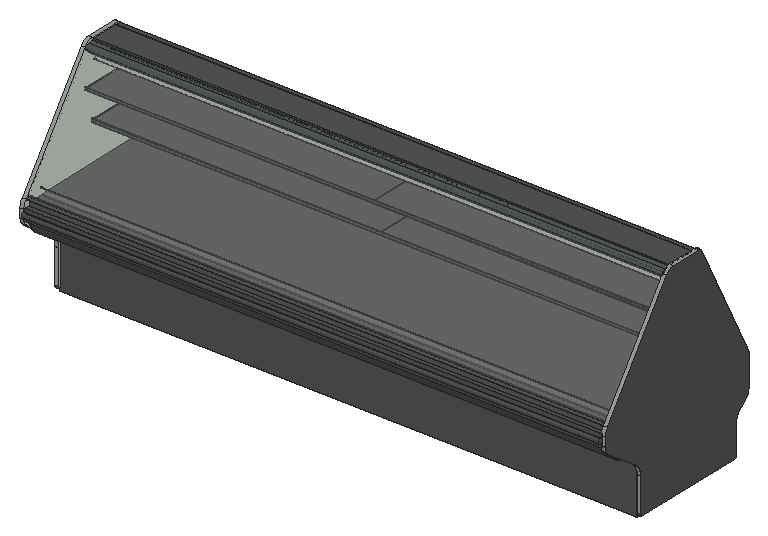
Revit family "ESBDS_2014", category Specialty Equipment, Revit 2014 (continued)
Connectors (in)
  piping at (58.50551, -29.375, 0), diameter 0.875, driven by "Refrig. Suction", driven by "Refrigeration Lines Suction"
    settings: on Extrusion 2, index 9, connector inside diameter 7/8", connector length 0", flow factor 0, pipe flow 0 GPM, pressure drop 0.00 psi, fitting loss kfactor 0, connector angle 0.00°, fixture units 0, engagement length 0", angle of deflection 0.00°, flow configuration 0, flow direction 2, fitting loss method 0, system type 22, joint type 0, gender type 0, connector reference index -1, connector utility 0, adjustable connector no, is connector primary no, connector description "Suction"
  piping at (59.13051, -29.375, 0), diameter 0.375, driven by "Refrig. Liquid", driven by "Refrigeration Lines Liquid"
    settings: on Extrusion 3, index 10, connector inside diameter 3/8", connector length 0", flow factor 0, pipe flow 0 GPM, pressure drop 0.00 psi, fitting loss kfactor 0, connector angle 0.00°, fixture units 0, engagement length 0", angle of deflection 0.00°, flow configuration 0, flow direction 1, fitting loss method 0, system type 22, joint type 0, gender type 0, connector reference index -1, connector utility 0, adjustable connector no, is connector primary no, connector description "Liquid"
Definition of nested family "Floor Support - E Series"
  Parameters (values of type "Floor Support - E Series")
    Width = 4"
    URL = "www.hussmann.com"
    Type Comments = ""
    Revit Family Date = "5/12/2016"
    Model = ""
    Manufacturer = "Hussmann Corporation"
    Height = 15.4495"
    Floor Support = none
    Description = ""
    Depth = 26.382"
    Assembly Code = ""
    Accessories/Options = ""
  Reference planes (in)
    plane 1 "Back": y = -2.993
    plane 2 "Bottom": z = 0
    plane 3 "Top": z = 15.4495
    plane 4 "Front": y = -29.375
    plane 5 "Center (Left/Right)": x = -0.61949
    plane 6 "Left": x = -2.61949
    plane 7 "Right": x = 1.38051
  Forms (in)
    Extrusion 1, solid, material <- "Floor Support"
      sketch origin (0, 0, 0) x (1, 0, 0) y (0, 1, 0)
        loop
          line (-2.61949, -6.062) -> (-2.61949, -6.187) -> (-1.74449, -6.187) -> (-1.74449, -3.118) -> (0.50551, -3.118) -> (0.50551, -6.187) -> (1.38051, -6.187) -> (1.38051, -6.062) -> (0.63051, -6.062) -> (0.63051, -2.993) -> (-1.86949, -2.993) -> (-1.86949, -6.062) -> (-2.61949, -6.062)
        loop
          line (-2.61949, -26.306) -> (-1.86949, -26.306) -> (-1.86949, -29.375) -> (0.63051, -29.375) -> (0.63051, -26.306) -> (1.38051, -26.306) -> (1.38051, -26.181) -> (0.50551, -26.181) -> (0.50551, -29.25) -> (-1.74449, -29.25) -> (-1.74449, -26.181) -> (-2.61949, -26.181) -> (-2.61949, -26.306)
      from 0.6875 to 15.4495
    Extrusion 2, solid, material <- "Floor Support"
      sketch origin (0, 0, 0) x (1, 0, 0) y (0, 1, 0)
        loop
          circle (-0.61949, -3.519) r 0.3125
        loop
          circle (-0.61949, -28.592) r 0.3125
      from 0 to 0.5625
    Extrusion 3, solid, material <- "Floor Support"
      sketch origin (0, 0, 0) x (1, 0, 0) y (0, 1, 0)
        loop
          circle (-0.61949, -28.592) r 0.5
        loop
          circle (-0.61949, -3.519) r 0.5
      from 0.5625 to 0.6875
    Extrusion 4, solid, material <- "Floor Support"
      sketch origin (0, 0, 0) x (1, 0, 0) y (0, 1, 0)
        loop
          line (-1.74449, -3.118) -> (-1.74449, -29.25) -> (0.50551, -29.25) -> (0.50551, -3.118) -> (-1.74449, -3.118)
      from 12.56949 to 15.4495
  Dimensions and locks (in)
    "Depth": plane 4 "Front" to plane 1 "Back"
    "Height": plane 3 "Top" to level
    equal spacing: plane 6 "Left", plane 5 "Center (Left/Right)", plane 7 "Right"
    "Width": plane 6 "Left" to plane 7 "Right"
    aligned and locked: Extrusion 4 to plane 3 "Top"
    aligned and locked: Extrusion 1 to plane 3 "Top"
  Automatic sketch dimensions
    plane 1 "Back" to Extrusion 1 sketch curve = 0"
    Extrusion 1 sketch curve to Extrusion 1 sketch curve = 1/8"  (x9)
    plane 1 "Back" to Extrusion 1 sketch curve = 1/8"
    Extrusion 1 sketch curve to Extrusion 1 sketch curve = 0"  (x2)
    Extrusion 1 sketch curve to plane 6 "Left" = 0"  (x2)
    plane 6 "Left" to Extrusion 1 sketch curve = 3/4"  (x2)
    Extrusion 1 sketch curve to plane 7 "Right" = 0"  (x2)
    Extrusion 1 sketch curve to plane 7 "Right" = 7/8"
    Extrusion 1 sketch curve to Extrusion 1 sketch curve = 7/8"
    Extrusion 3 sketch curve to plane 5 "Center (Left/Right)" = 0"  (x2)
    plane 4 "Front" to Extrusion 4 sketch curve = 1/8"
    plane 6 "Left" to Extrusion 4 sketch curve = 7/8"
    Extrusion 4 sketch curve to plane 7 "Right" = 7/8"
    plane 1 "Back" to Extrusion 4 sketch curve = 1/8"
    Extrusion 1 sketch curve to plane 4 "Front" = 0"
    Extrusion 1 sketch curve to Extrusion 1 sketch curve = 2.944"
    plane 4 "Front" to Extrusion 3 sketch curve = 0.783"
    Extrusion 1 sketch curve to Extrusion 1 sketch curve = 3.069"
    plane 1 "Back" to Extrusion 3 sketch curve = 0.526"
    radius of Extrusion 3 sketch curve = 1/2"  (x2)
Definition of nested family "Service Doors - 117deg - 48"
  Parameters (values of type "Service Doors - 117deg - 48")
    Glazing = Glass
    Door Frame = none
  Reference planes (in)
    plane 1 "Center (Front/Back)": y = 25.29918
    plane 2: z = 0
    plane 3 "Center (Left/Right)": x = 0
  Forms (in)
    Sweep 1, solid, material <- "Door Frame"
      path in 3D
        loop
          line (48, 12.47395, 49.89806) -> (0, 12.47395, 49.89806) -> (0, 25.29918, 24.72713) -> (48, 25.29918, 24.72713) -> (48, 12.47395, 49.89806)
      profile origin (24, 12.47395, 49.89806) x (0, -0.999433, -0.03367) y (0, -0.03367, 0.999433)
        loop
          line (0.21162, -0.099) -> (0, 0) -> (-0.6356, -1.35868) -> (1.40139, -2.3116) -> (1.82513, -1.40581) -> (0.01501, -0.55903) -> (0.21162, -0.099)
    Extrusion 2, solid, material <- "Door Frame"
      sketch origin (1.5, 11.15118, 47.54059) x (0, 0.45399, -0.891007) y (0, 0.891007, 0.45399)
        loop
          line (0, 0.25) -> (25.25, 0.25) -> (25.25, 1.0625) -> (0, 1.0625) -> (0, 0.25)
      from 0 to 23
    Extrusion 3, solid, material <- "Door Frame"
      sketch origin (46.5, 22.61444, 25.04267) x (0, -0.45399, 0.891007) y (0, 0.891007, 0.45399)
        loop
          line (25.25, 1.875) -> (0, 1.875) -> (0, 1.0625) -> (25.25, 1.0625) -> (25.25, 1.875)
      from 0 to 23
    Extrusion 4, void
      sketch origin (46.5, 13.11976, 47.80708) x (0, -0.45399, 0.891007) y (-1, 0, 0)
        loop
          line (-23.09373, 21.5) -> (-23.09373, 1.5) -> (-0.84373, 1.5) -> (-0.84373, 21.5) -> (-23.09373, 21.5)
      from 0 to 0.8125
    Extrusion 5, void
      sketch origin (1.5, 11.1405, 48.11223) x (0, -0.45399, 0.891007) y (1, 0, 0)
        loop
          line (-2.01418, 21.5) -> (-24.26418, 21.5) -> (-24.26418, 1.5) -> (-2.01418, 1.5) -> (-2.01418, 21.5)
      from 0 to 0.8125
    Extrusion 6, solid, material "Glass" <- "Glazing"
      sketch origin (25, 24.28508, 25.8939) x (0, -0.45399, 0.891007) y (0, -0.891007, -0.45399)
        loop
          line (1.5, 0.1875) -> (25.25, 0.1875) -> (25.25, 0.625) -> (1.5, 0.625) -> (1.5, 0.1875)
      from 0 to 20
    Extrusion 7, solid, material "Glass" <- "Glazing"
      sketch origin (23, 11.37393, 47.65408) x (0, 0.45399, -0.891007) y (0, -0.891007, -0.45399)
        loop
          line (1.5, -0.625) -> (25.25, -0.625) -> (25.25, -0.1875) -> (1.5, -0.1875) -> (1.5, -0.625)
      from 0 to 20
  Cuts and joins
    Extrusion 4 cuts Extrusion 3
    Extrusion 5 cuts Extrusion 2
  Lines and regions (in)
    sketch lines
      curve 1: line (48, 25.29918, 24.72713) -> (48, 12.47395, 49.89806)
      curve 2: line (0, 12.47395, 49.89806) -> (0, 25.29918, 24.72713)
      curve 3: line (48, 12.47395, 49.89806) -> (0, 12.47395, 49.89806)
      curve 4: line (48, 25.29918, 24.72713) -> (0, 25.29918, 24.72713)
  Dimensions and locks (in)
    Extrusion 2 to Extrusion 3 = 45"
    plane 3 "Center (Left/Right)" to Sweep 1 = 48"
    Sweep 1 to Sweep 1 = 1 1/2"
    locked: cut or joined group of Extrusion 3, Extrusion 4 to Extrusion 4 sketch curve at 1.5
    locked: Extrusion 5 sketch curve to cut or joined group of Extrusion 2, Extrusion 5 at 1.5
    Sweep 1 to Sweep 1 = 28 1/4"
    locked: cut or joined group of Extrusion 2, Extrusion 5 to Extrusion 5 sketch curve at 1.5  (x2)
    locked: Sweep 1 to Extrusion 5 sketch curve at 1.5
    locked: Extrusion 4 sketch curve to Sweep 1 at 1.5  (x3)
    Sweep 1 to Sweep 1 = 45"
    angle level to Sweep 1 = 117.00°
    aligned and locked: plane 2 to level
    aligned and locked: Extrusion 3 to Sweep 1  (x3)
    aligned and locked: Extrusion 2 to Sweep 1
    aligned and locked: Extrusion 6 to cut or joined group of Extrusion 3, Extrusion 4
    aligned and locked: cut or joined group of Extrusion 3, Extrusion 4 to Extrusion 6
    aligned and locked: cut or joined group of Extrusion 2, Extrusion 5 to Extrusion 7
    aligned and locked: plane 1 "Center (Front/Back)" to Sweep 1
    aligned and locked: Sweep 1 to Extrusion 2 sketch curve  (x2)
    aligned and locked: cut or joined group of Extrusion 2, Extrusion 5 to Extrusion 7 sketch curve
    aligned and locked: Extrusion 7 sketch curve to Sweep 1
    aligned and locked: Sweep 1 to Extrusion 3 sketch curve  (x2)
    aligned and locked: Extrusion 6 sketch curve to Sweep 1
    aligned and locked: Extrusion 6 sketch curve to cut or joined group of Extrusion 3, Extrusion 4
Definition of nested family "Service Doors - 117deg - 72"
  Parameters (values of type "Service Doors - 117deg - 72")
    Glazing = none
    Door Frame = none
  Reference planes (in)
    plane 1 "Center (Front/Back)": y = 25.29918
    plane 2: z = 0
    plane 3 "Center (Left/Right)": x = 0
  Forms (in)
    Sweep 1, solid, material <- "Door Frame"
      path in 3D
        loop
          line (72, 12.47395, 49.89806) -> (0, 12.47395, 49.89806) -> (0, 25.29918, 24.72713) -> (72, 25.29918, 24.72713) -> (72, 12.47395, 49.89806)
      profile origin (36, 12.47395, 49.89806) x (0, -0.999433, -0.03367) y (0, -0.03367, 0.999433)
        loop
          line (0.21162, -0.099) -> (0, 0) -> (-0.6356, -1.35868) -> (1.40139, -2.3116) -> (1.82513, -1.40581) -> (0.01501, -0.55903) -> (0.21162, -0.099)
    Extrusion 2, solid, material <- "Door Frame"
      sketch origin (1.5, 11.15118, 47.54059) x (0, 0.45399, -0.891007) y (0, 0.891007, 0.45399)
        loop
          line (0, 0.25) -> (25.25, 0.25) -> (25.25, 1.0625) -> (0, 1.0625) -> (0, 0.25)
      from 0 to 35
    Extrusion 3, solid, material <- "Door Frame"
      sketch origin (70.5, 22.61444, 25.04267) x (0, -0.45399, 0.891007) y (0, 0.891007, 0.45399)
        loop
          line (25.25, 1.875) -> (0, 1.875) -> (0, 1.0625) -> (25.25, 1.0625) -> (25.25, 1.875)
      from 0 to 35
    Extrusion 4, void
      sketch origin (70.5, 13.11976, 47.80708) x (0, -0.45399, 0.891007) y (-1, 0, 0)
        loop
          line (-23.09373, 33.5) -> (-23.09373, 1.5) -> (-0.84373, 1.5) -> (-0.84373, 33.5) -> (-23.09373, 33.5)
      from 0 to 0.8125
    Extrusion 5, void
      sketch origin (1.5, 11.1405, 48.11223) x (0, -0.45399, 0.891007) y (1, 0, 0)
        loop
          line (-2.01418, 33.5) -> (-24.26418, 33.5) -> (-24.26418, 1.5) -> (-2.01418, 1.5) -> (-2.01418, 33.5)
      from 0 to 0.8125
    Extrusion 6, solid, material <- "Glazing"
      sketch origin (37, 24.28508, 25.8939) x (0, -0.45399, 0.891007) y (0, -0.891007, -0.45399)
        loop
          line (1.5, 0.1875) -> (25.25, 0.1875) -> (25.25, 0.625) -> (1.5, 0.625) -> (1.5, 0.1875)
      from 0 to 32
    Extrusion 7, solid, material <- "Glazing"
      sketch origin (35, 11.37393, 47.65408) x (0, 0.45399, -0.891007) y (0, -0.891007, -0.45399)
        loop
          line (1.5, -0.625) -> (25.25, -0.625) -> (25.25, -0.1875) -> (1.5, -0.1875) -> (1.5, -0.625)
      from 0 to 32
  Cuts and joins
    Extrusion 4 cuts Extrusion 3
    Extrusion 5 cuts Extrusion 2
  Lines and regions (in)
    sketch lines
      curve 1: line (72, 25.29918, 24.72713) -> (72, 12.47395, 49.89806)
      curve 2: line (0, 12.47395, 49.89806) -> (0, 25.29918, 24.72713)
      curve 3: line (72, 12.47395, 49.89806) -> (0, 12.47395, 49.89806)
      curve 4: line (72, 25.29918, 24.72713) -> (0, 25.29918, 24.72713)
  Dimensions and locks (in)
    Extrusion 2 to Extrusion 3 = 69"
    plane 3 "Center (Left/Right)" to Sweep 1 = 72"
    Sweep 1 to Sweep 1 = 1 1/2"
    locked: cut or joined group of Extrusion 3, Extrusion 4 to Extrusion 4 sketch curve at 1.5
    locked: Extrusion 5 sketch curve to cut or joined group of Extrusion 2, Extrusion 5 at 1.5
    Sweep 1 to Sweep 1 = 28 1/4"
    locked: cut or joined group of Extrusion 2, Extrusion 5 to Extrusion 5 sketch curve at 1.5  (x2)
    locked: Sweep 1 to Extrusion 5 sketch curve at 1.5
    locked: Extrusion 4 sketch curve to Sweep 1 at 1.5  (x3)
    Sweep 1 to Sweep 1 = 69"
    angle level to Sweep 1 = 117.00°
    aligned and locked: plane 2 to level
    aligned and locked: Extrusion 3 to Sweep 1  (x3)
    aligned and locked: Extrusion 2 to Sweep 1
    aligned and locked: Extrusion 6 to cut or joined group of Extrusion 3, Extrusion 4
    aligned and locked: cut or joined group of Extrusion 3, Extrusion 4 to Extrusion 6
    aligned and locked: cut or joined group of Extrusion 2, Extrusion 5 to Extrusion 7
    aligned and locked: plane 1 "Center (Front/Back)" to Sweep 1
    aligned and locked: Sweep 1 to Extrusion 2 sketch curve  (x2)
    aligned and locked: cut or joined group of Extrusion 2, Extrusion 5 to Extrusion 7 sketch curve
    aligned and locked: Extrusion 7 sketch curve to Sweep 1
    aligned and locked: Sweep 1 to Extrusion 3 sketch curve  (x2)
    aligned and locked: Extrusion 6 sketch curve to Sweep 1
    aligned and locked: Extrusion 6 sketch curve to cut or joined group of Extrusion 3, Extrusion 4
Definition of nested family "Shelf - E Series"
  Parameters (values of type "18"")
    Width = 1/4"
    Shelf Bracket = Sheet Metal (Steel Painted) - 701 Black
    Height = 4.89591"
    Depth = 18"
  Types (5): name | Depth
    18" | 18"
    12" | 12"
    16" | 16"
    22" | 22"
    14" | 14"
  Reference planes (in)
    plane 1 "Back": y = 0
    plane 2: z = 0
    plane 3 "Left": x = 0
    plane 4 "Front": y = -18
    plane 5 "Right": x = 0.25
    plane 6: z = 4.89591
    plane 7 "Center (Left/Right)": x = 0.125
  Forms (in)
    Extrusion 1, solid, material "Sheet Metal (Steel Painted) - 701 Black" <- "Shelf Bracket"
      sketch origin (0, 0, 0) x (0, 1, 0) y (0, 0, 1)
        loop
          line (0.07326, 0.26836) -> (0.18143, 0.26875)
          arc (0.18143, 0.26875) -> (0.3025, 0.36199) -> (0.24317, 0.50282) r 0.12517
          line (0.24317, 0.50282) -> (-0.04494, 0.66605)
          arc (-0.04494, 0.66605) -> (-0.07187, 0.69679) -> (-0.07382, 0.7376) r 0.062
          line (-0.07382, 0.7376) -> (0.10406, 1.33811) -> (0.09305, 2.59922) -> (0.01772, 3.20416)
          arc (0.01772, 3.20416) -> (0.03288, 3.25348) -> (0.07981, 3.27494) r 0.063
          line (0.07981, 3.27494) -> (0.15806, 3.27547) -> (0.15929, 3.09434) -> (0.56271, 3.06679) -> (0.68212, 3.03122) -> (0.63408, 2.86666) -> (1.2983, 2.73359) -> (1.40516, 2.66752) -> (1.32096, 2.53134) -> (1.94726, 2.21454) -> (2.03229, 2.12435) -> (1.91623, 2.01494)
          arc (1.91623, 2.01494) -> (2.32601, 2.00181) -> (2.34025, 2.41156) r 0.2903
          arc (2.34025, 2.41156) -> (1.62913, 3.00885) -> (0.79406, 3.41517) r 3.78823
          arc (0.79406, 3.41517) -> (0.76115, 3.40549) -> (0.74067, 3.43301) r 0.03
          arc (0.74067, 3.43301) -> (0.42541, 3.52091) -> (0.10373, 3.58126) r 3.78823
          arc (0.10373, 3.58126) -> (0.02969, 3.62316) -> (-0.00038, 3.70274) r 0.125
          line (-0.00038, 3.70274) -> (-0.01867, 4.21036)
          arc (-0.01867, 4.21036) -> (-0.00134, 4.25606) -> (0.04347, 4.27562) r 0.063
          line (0.04347, 4.27562) -> (0.14916, 4.277) -> (0.15148, 4.09933) -> (0.8496, 4.03037) -> (0.96839, 3.99481) -> (0.92223, 3.84061) -> (1.16715, 3.78222)
          arc (1.16715, 3.78222) -> (1.31884, 3.92198) -> (1.24674, 4.11523) r 0.18489
          arc (1.24674, 4.11523) -> (0.5579, 4.49791) -> (-0.2, 4.71364) r 3.43695
          arc (-0.2, 4.71364) -> (-0.21607, 4.71919) -> (-0.23121, 4.72694) r 0.121
          line (-0.23121, 4.72694) -> (-0.23121, 4.89591) -> (-18, 4.89591) -> (-18, 4.52233)
          spline (-18, 4.52233) -> (-17.99893, 4.50603) -> (-17.99574, 4.49) -> (-17.99049, 4.47453) -> (-17.98325, 4.45987) -> (-17.97417, 4.44628) -> (-17.96339, 4.434) -> (-17.9511, 4.42322) -> (-17.9375, 4.41415) -> (-17.92284, 4.40692) -> (-17.90735, 4.40167) -> (-17.89132, 4.39848) -> (-17.875, 4.39741)
          line (-17.875, 4.39741) -> (-16.09303, 4.39741)
          spline (-16.09303, 4.39741) -> (-16.07672, 4.39634) -> (-16.06068, 4.39315) -> (-16.0452, 4.3879) -> (-16.03053, 4.38067) -> (-16.01694, 4.37159) -> (-16.00465, 4.36082) -> (-15.99387, 4.34853) -> (-15.98478, 4.33495) -> (-15.97755, 4.32029) -> (-15.9723, 4.30482) -> (-15.96911, 4.28879) -> (-15.96804, 4.27249)
          line (-15.96804, 4.27249) -> (-15.96804, 3.92271)
          spline (-15.96804, 3.92271) -> (-15.96697, 3.9064) -> (-15.96378, 3.89037) -> (-15.95852, 3.8749) -> (-15.95129, 3.86025) -> (-15.94221, 3.84666) -> (-15.93142, 3.83437) -> (-15.91913, 3.8236) -> (-15.90554, 3.81452) -> (-15.89087, 3.80729) -> (-15.87539, 3.80204) -> (-15.85935, 3.79885) -> (-15.84304, 3.79779)
          line (-15.84304, 3.79779) -> (-3.71618, 3.79779)
          arc (-3.71618, 3.79779) -> (-2.98005, 3.43429) -> (-2.45199, 2.80567) r 1.99996
          line (-2.45199, 2.80567) -> (-1.47212, 0.97726)
          arc (-1.47212, 0.97726) -> (-1.05125, 0.43902) -> (-0.47377, 0.07386) r 1.99996
          line (-0.47377, 0.07386) -> (-0.29521, 0) -> (-0.24369, 0.17221) -> (0.07446, 0.09812) -> (0.07326, 0.26836)
      from 0 to 0.25
  Dimensions and locks (in)
    "Depth": plane 4 "Front" to plane 1 "Back"
    locked: Extrusion 1 sketch curve to plane 1 "Back" at 3.71618
    locked: plane 4 "Front" to Extrusion 1 sketch curve at 2.03196
    "Width": plane 5 "Right" to plane 3 "Left"
    "Height": plane 6 to level
    equal spacing: plane 3 "Left", plane 7 "Center (Left/Right)", plane 5 "Right"
    aligned and locked: plane 2 to level
    aligned and locked: Extrusion 1 to plane 3 "Left"
    aligned and locked: plane 5 "Right" to Extrusion 1
    aligned and locked: Extrusion 1 sketch curve to plane 4 "Front"
  Automatic sketch dimensions
    Extrusion 1 sketch curve to Extrusion 1 sketch curve = 0"  (x2)
    Extrusion 1 sketch curve to level = 0"
    Extrusion 1 sketch curve to plane 4 "Front" = 1/8"
    Extrusion 1 sketch curve to Extrusion 1 sketch curve = 1/8"  (x2)
    Extrusion 1 sketch curve to Extrusion 1 sketch curve = 0.49859"
    Extrusion 1 sketch curve to Extrusion 1 sketch curve = 1.26419"
    plane 1 "Back" to Extrusion 1 sketch curve = 1.47212"
    plane 1 "Back" to Extrusion 1 sketch curve = 0.75578"
    level to Extrusion 1 sketch curve = 0.07386"
    plane 1 "Back" to Extrusion 1 sketch curve = 0.47377"
    Extrusion 1 sketch curve to Extrusion 1 sketch curve = 0.0404"
    Extrusion 1 sketch curve to Extrusion 1 sketch curve = 0.17856"
    Extrusion 1 sketch curve to Extrusion 1 sketch curve = 0.05152"
    plane 1 "Back" to Extrusion 1 sketch curve = 0.07382"
    plane 1 "Back" to Extrusion 1 sketch curve = 0.04494"
    plane 1 "Back" to Extrusion 1 sketch curve = 0.01867"
    plane 1 "Back" to Extrusion 1 sketch curve = 0.01438"
    plane 1 "Back" to Extrusion 1 sketch curve = 0.00038"
    Extrusion 1 sketch curve to plane 1 "Back" = 0.01772"
    Extrusion 1 sketch curve to plane 1 "Back" = 0.04347"
    Extrusion 1 sketch curve to plane 1 "Back" = 0.04429"
    Extrusion 1 sketch curve to plane 1 "Back" = 0.07326"
    Extrusion 1 sketch curve to plane 1 "Back" = 0.07446"
    Extrusion 1 sketch curve to plane 1 "Back" = 0.07981"
    Extrusion 1 sketch curve to Extrusion 1 sketch curve = 1/16"
    Extrusion 1 sketch curve to plane 1 "Back" = 0.09305"
    Extrusion 1 sketch curve to plane 1 "Back" = 0.10406"
    Extrusion 1 sketch curve to plane 1 "Back" = 0.1246"
    Extrusion 1 sketch curve to Extrusion 1 sketch curve = 0.10569"
    Extrusion 1 sketch curve to plane 1 "Back" = 0.15148"
    Extrusion 1 sketch curve to Extrusion 1 sketch curve = 0.07825"
    Extrusion 1 sketch curve to Extrusion 1 sketch curve = 0.07905"
    Extrusion 1 sketch curve to Extrusion 1 sketch curve = 0.10816"
    Extrusion 1 sketch curve to Extrusion 1 sketch curve = 0.00004"
    Extrusion 1 sketch curve to Extrusion 1 sketch curve = 0.0617"
    Extrusion 1 sketch curve to plane 1 "Back" = 0.29066"
    Extrusion 1 sketch curve to Extrusion 1 sketch curve = 0.40342"
    Extrusion 1 sketch curve to Extrusion 1 sketch curve = 0.07136"
    Extrusion 1 sketch curve to Extrusion 1 sketch curve = 0.11941"
    Extrusion 1 sketch curve to Extrusion 1 sketch curve = 0.08854"
    Extrusion 1 sketch curve to Extrusion 1 sketch curve = 0.07895"
    Extrusion 1 sketch curve to Extrusion 1 sketch curve = 0.07263"
    Extrusion 1 sketch curve to Extrusion 1 sketch curve = 0.11879"
    Extrusion 1 sketch curve to Extrusion 1 sketch curve = 0.17062"
    Extrusion 1 sketch curve to Extrusion 1 sketch curve = 0.02814"
    Extrusion 1 sketch curve to Extrusion 1 sketch curve = 0.66423"
    Extrusion 1 sketch curve to Extrusion 1 sketch curve = 0.02266"
    Extrusion 1 sketch curve to Extrusion 1 sketch curve = 0.10686"
    Extrusion 1 sketch curve to Extrusion 1 sketch curve = 0.59526"
    Extrusion 1 sketch curve to Extrusion 1 sketch curve = 0.03103"
    Extrusion 1 sketch curve to Extrusion 1 sketch curve = 0.08503"
    Extrusion 1 sketch curve to Extrusion 1 sketch curve = 0.09542"
    Extrusion 1 sketch curve to level = 0.16869"
    level to Extrusion 1 sketch curve = 0.09812"
    level to Extrusion 1 sketch curve = 0.17221"
    Extrusion 1 sketch curve to Extrusion 1 sketch curve = 0.17024"
    Extrusion 1 sketch curve to Extrusion 1 sketch curve = 0.00039"
    Extrusion 1 sketch curve to Extrusion 1 sketch curve = 0.12517"
    Extrusion 1 sketch curve to Extrusion 1 sketch curve = 0.16323"
    Extrusion 1 sketch curve to Extrusion 1 sketch curve = 0.05394"
    level to Extrusion 1 sketch curve = 0.97726"
    Extrusion 1 sketch curve to Extrusion 1 sketch curve = 0.34466"
    Extrusion 1 sketch curve to Extrusion 1 sketch curve = 0.58386"
    level to Extrusion 1 sketch curve = 1.86097"
    Extrusion 1 sketch curve to Extrusion 1 sketch curve = 0.09298"
    Extrusion 1 sketch curve to Extrusion 1 sketch curve = 0.1094"
    Extrusion 1 sketch curve to Extrusion 1 sketch curve = 0.08948"
    Extrusion 1 sketch curve to Extrusion 1 sketch curve = 0.09019"
    Extrusion 1 sketch curve to Extrusion 1 sketch curve = 0.3168"
    Extrusion 1 sketch curve to Extrusion 1 sketch curve = 0.67726"
    Extrusion 1 sketch curve to Extrusion 1 sketch curve = 0.13618"
    Extrusion 1 sketch curve to Extrusion 1 sketch curve = 0.06608"
    Extrusion 1 sketch curve to Extrusion 1 sketch curve = 0.9447"
    Extrusion 1 sketch curve to Extrusion 1 sketch curve = 0.26744"
    Extrusion 1 sketch curve to Extrusion 1 sketch curve = 0.16455"
    Extrusion 1 sketch curve to Extrusion 1 sketch curve = 0.03558"
    Extrusion 1 sketch curve to Extrusion 1 sketch curve = 0.02755"
    Extrusion 1 sketch curve to Extrusion 1 sketch curve = 0.10981"
    Extrusion 1 sketch curve to Extrusion 1 sketch curve = 0.00778"
    Extrusion 1 sketch curve to Extrusion 1 sketch curve = 0.40272"
    Extrusion 1 sketch curve to Extrusion 1 sketch curve = 0.4278"
    Extrusion 1 sketch curve to Extrusion 1 sketch curve = 0.00177"
    Extrusion 1 sketch curve to Extrusion 1 sketch curve = 0.34828"
    Extrusion 1 sketch curve to Extrusion 1 sketch curve = 0.0584"
    Extrusion 1 sketch curve to Extrusion 1 sketch curve = 0.18274"
    Extrusion 1 sketch curve to Extrusion 1 sketch curve = 0.15419"
    Extrusion 1 sketch curve to Extrusion 1 sketch curve = 0.03556"
    Extrusion 1 sketch curve to Extrusion 1 sketch curve = 0.39482"
    Extrusion 1 sketch curve to Extrusion 1 sketch curve = 0.11103"
    Extrusion 1 sketch curve to Extrusion 1 sketch curve = 0.00227"
    Extrusion 1 sketch curve to Extrusion 1 sketch curve = 0.4747"
    Extrusion 1 sketch curve to Extrusion 1 sketch curve = 0.0312"
    Extrusion 1 sketch curve to plane 1 "Back" = 0.10373"
    Extrusion 1 sketch curve to Extrusion 1 sketch curve = 0.02999"
    Extrusion 1 sketch curve to Extrusion 1 sketch curve = 0.0234"
    Extrusion 1 sketch curve to Extrusion 1 sketch curve = 0.12492"  (x3)
    Extrusion 1 sketch curve to plane 6 = 0"
    plane 1 "Back" to Extrusion 1 sketch curve = 0.23121"
    Extrusion 1 sketch curve to Extrusion 1 sketch curve = 0.06258"
    Extrusion 1 sketch curve to Extrusion 1 sketch curve = 0.16897"
    Extrusion 1 sketch curve to plane 6 = 0.06541"
Definition of nested family "Light"
  Parameters (values of type "Light")
    Wattage = 16.1571 W
    built-in parameter 1150110 = 1 (stored number, unit not read)
    built-in parameter 1114217 = 1 (stored number, unit not read)
    built-in parameter 1150109 = 1 (stored number, unit not read)
    built-in parameter 1150134 = (empty or 0)
    built-in parameter 1150113 = 1 (stored number, unit not read)
    Lumens = 2400 lm
    built-in parameter 1150115 = 1 (stored number, unit not read)
    built-in parameter 1150105 = 763.94 (stored number, unit not read)
    Light Source Symbol Size = 24"
    built-in parameter 1150137 = (empty or 0)
    built-in parameter 1150139 = (empty or 0)
    Lense = none
    Length = 144"
    built-in parameter 1150112 = 1 (stored number, unit not read)
    built-in parameter 1150114 = 1 (stored number, unit not read)
    built-in parameter 1150132 = 2
    built-in parameter 1150102 = (empty or 0)
    built-in parameter 1150138 = (empty or 0)
    built-in parameter 1150107 = 6100 (stored number, unit not read)
    built-in parameter 1150106 = 7.6394 (stored number, unit not read)
    Emit from Line Length = Length  # 144"
    built-in parameter 1150104 = 13.8 (stored number, unit not read)
    Dimming Lamp Color Temperature Shift = (empty or 0)
    Color Filter = 16777215
    Casing = none
    built-in parameter 1114218 = 1 (stored number, unit not read)
    built-in parameter 1150133 = 10 (stored number, unit not read)
  Reference planes (in)
    plane 1 "Light Source Axis (F/B)": y = -8.60801
    plane 2: z = 0
    plane 3 "Light Source Axis (L/R)": x = 0
    plane 4 "Light Source Elevation": z = 52.5
    plane 5: z = 0
    plane 6 "Left": x = -72
    plane 7 "Right": x = 72
  Lines and regions (in)
    model lines
      curve 1: line (-72, -8.60801, 52.5) -> (72, -8.60801, 52.5)
  Dimensions and locks (in)
    equal spacing: plane 7 "Right", plane 3 "Light Source Axis (L/R)", plane 6 "Left"
    "Length": plane 7 "Right" to plane 6 "Left"
    aligned and locked: plane 3 "Light Source Axis (L/R)" to imposter light
    aligned and locked: plane 1 "Light Source Axis (F/B)" to imposter light
    aligned and locked: plane 4 "Light Source Elevation" to imposter light
    aligned and locked: level to plane 5
  Automatic sketch dimensions
    plane 1 "Light Source Axis (F/B)" to curve 1 = 0"
    curve 1 to plane 6 "Left" = 0"
    curve 1 to plane 7 "Right" = 0"
Types (4): name | Width | Total Weight | Number of Supports | Number of Shelf Supports | Location of Drain | Case Weight | 8 Case | 6 Case | 4 Case | 12 Case
  12'-0" Length | 144 1/2" | 1400.00 lbf | 4 | 3 | 72 1/4" | 1200.00 lbf | no | no | no | yes
  6'-0" Length | 72 3/8" | 900.00 lbf | 3 | 2 | 24 1/8" | 700.00 lbf | no | yes | no | no
  8'-0" Length | 96 3/8" | 1300.00 lbf | 3 | 3 | 24 1/8" | 1100.00 lbf | yes | no | no | no
  4'-0" Length | 48 1/4" | 800.00 lbf | 2 | 2 | 24 1/8" | 600.00 lbf | no | no | yes | no
